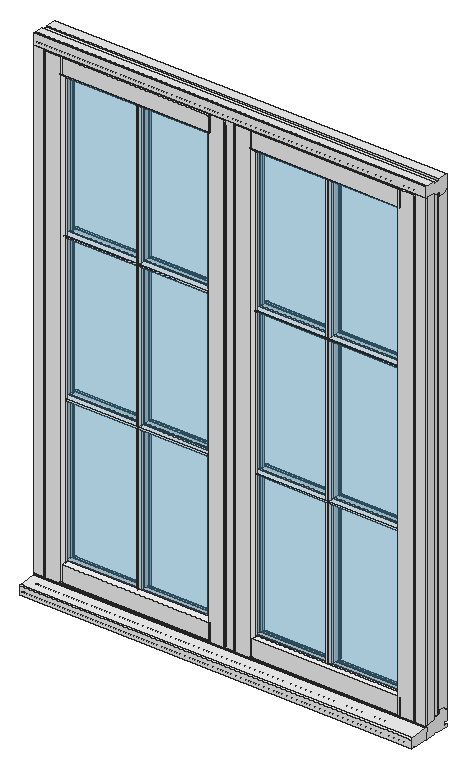
Revit family "C2-6P", category Windows, host Wall, Revit 2012
Parameters
  metal = Matel
  Wood = WindowColor
  Str.Tolrance = 11 mm
  Height = 1770 mm
  Glass = Glass
  Default Sill Height = 914.4 mm
  Wall Closure = By host
  Width = 1400 mm
Reference planes
  plane 1 "Center (Front/Back)": y = 0
  plane 2: z = 0
  plane 3 "Center (Left/Right)": x = 0
  plane 4 "Left": x = -700
  plane 5 "Right": x = 700
  plane 6 "Sill": z = 914.4
  plane 7 "Top": z = 2684.4
  plane 8: y = 33.076
  plane 9: z = 2648.4
  plane 10: x = 660
  plane 11: x = -660
  plane 12: z = 2644.4
  plane 13: z = 962.4
  plane 14: x = 602
  plane 15: x = -602
  plane 16: z = 1024.4
  plane 17: z = 2586.4
  plane 18: z = 2628.4
  plane 19: x = 18
  plane 20: x = -18
  plane 21: z = 2066.4
  plane 22: x = 80
  plane 23: x = -80
  plane 24: z = 982.4
  plane 25: x = 338.918
  plane 26: x = -338.918
  plane 27: z = 1545.06
Forms (mm)
  Sweep 1, solid, material "Matel" <- "metal"
    path origin (0, 0, 0) x (1, 0, 0) y (0, 0, 1)
      loop
        line (700, 914.4) -> (700, 2648.4)
    profile origin (700, 0, 1781.4) x (-1, 0, 0) y (0, -1, 0)
      loop
        line (0, -10) -> (0, -47) -> (43, -47) -> (43, -44)
        arc (43, -44) -> (50.071, -41.071) -> (53, -34) r 10
        line (53, -34) -> (56, -34) -> (56, -18) -> (36, -18) -> (36, -14) -> (44, -14) -> (44, -4) -> (36, -4) -> (36, -1) -> (44, -1) -> (44, 7) -> (36, 7) -> (36, 31.727)
        arc (36, 31.727) -> (34.922, 33.441) -> (33, 34.079) r 3
        line (33, 34.079) -> (33, 41)
        arc (33, 41) -> (34.834, 41.499) -> (36, 43) r 3
        line (36, 43) -> (36, 47) -> (0, 47) -> (0, 42) -> (2, 42)
        arc (2, 42) -> (5, 39) -> (2, 36) r 3
        line (2, 36) -> (0, 36) -> (0, 10) -> (5, 10) -> (5, -10) -> (0, -10)
  Sweep 2, solid, material "Matel" <- "metal"
    path origin (0, 0, 0) x (1, 0, 0) y (0, 0, 1)
      loop
        line (660, 914.4) -> (660, 2644.4)
    profile origin (660, 0, 1779.4) x (-1, 0, 0) y (0, -1, 0)
      loop
        arc (8, -10) -> (8.879, -12.121) -> (11, -13) r 3
        line (11, -13) -> (52, -13) -> (52, 35) -> (68, 35) -> (68, 37) -> (58, 47) -> (3, 47)
        arc (3, 47) -> (0.879, 46.121) -> (0, 44) r 3
        line (0, 44) -> (0, 42)
        arc (0, 42) -> (0.879, 39.879) -> (3, 39) r 3
        line (3, 39) -> (8, 39) -> (8, 28)
        arc (8, 28) -> (8.586, 26.586) -> (10, 26) r 2
        line (10, 26) -> (10, 8)
        arc (10, 8) -> (8.586, 7.414) -> (8, 6) r 2
        line (8, 6) -> (8, -10)
  Sweep 3, solid, material "Matel" <- "metal"
    path origin (0, 0, 0) x (-1, 0, 0) y (0, 0, 1)
      loop
        line (700, 914.4) -> (700, 2648.4)
    profile origin (-700, 0, 1781.4) x (-1, 0, 0) y (0, -1, 0)
      loop
        line (0, -10) -> (-5, -10) -> (-5, 10) -> (0, 10) -> (0, 36) -> (-2, 36)
        arc (-2, 36) -> (-5, 39) -> (-2, 42) r 3
        line (-2, 42) -> (0, 42) -> (0, 47) -> (-36, 47) -> (-36, 43)
        arc (-36, 43) -> (-34.834, 41.499) -> (-33, 41) r 3
        line (-33, 41) -> (-33, 34.079)
        arc (-33, 34.079) -> (-34.922, 33.441) -> (-36, 31.727) r 3
        line (-36, 31.727) -> (-36, 7) -> (-44, 7) -> (-44, -1) -> (-36, -1) -> (-36, -4) -> (-44, -4) -> (-44, -14) -> (-36, -14) -> (-36, -18) -> (-56, -18) -> (-56, -34) -> (-53, -34)
        arc (-53, -34) -> (-50.071, -41.071) -> (-43, -44) r 10
        line (-43, -44) -> (-43, -47) -> (0, -47) -> (0, -10)
  Sweep 4, solid, material "Matel" <- "metal"
    path origin (-2484.788, 0, 2663.844) x (0, 0, 1) y (1, 0, 0)
      loop
        line (20.556, 1784.788) -> (20.556, 3184.788)
    profile origin (0, 0, 2684.4) x (0, 0, 1) y (0, -1, 0)
      loop
        line (0, -10) -> (-5, -10) -> (-5, 10) -> (0, 10) -> (0, 36) -> (-2, 36)
        arc (-2, 36) -> (-5, 39) -> (-2, 42) r 3
        line (-2, 42) -> (0, 42) -> (0, 47) -> (-36, 47) -> (-36, 43)
        arc (-36, 43) -> (-34.834, 41.499) -> (-33, 41) r 3
        line (-33, 41) -> (-33, 34.079)
        arc (-33, 34.079) -> (-34.922, 33.441) -> (-36, 31.727) r 3
        line (-36, 31.727) -> (-36, 7) -> (-44, 7) -> (-44, -1) -> (-36, -1) -> (-36, -4) -> (-44, -4) -> (-44, -14) -> (-36, -14) -> (-36, -18) -> (-56, -18) -> (-56, -34) -> (-53, -34)
        arc (-53, -34) -> (-50.071, -41.071) -> (-43, -44) r 10
        line (-43, -44) -> (-43, -47) -> (0, -47) -> (0, -10)
  Sweep 5, solid, material "Matel" <- "metal"
    path origin (0, 0, -6.25) x (1, 0, 0) y (0, 0, 1)
      loop
        line (700, 920.65) -> (-700, 920.65)
    profile origin (0, 0, 914.4) x (0, 0, -1) y (0, -1, 0)
      loop
        line (-55, -46) -> (-20, -46) -> (-20, -36) -> (-10, -36) -> (-10, -46) -> (0, -46) -> (0, -9) -> (-5, -9) -> (-5, 11) -> (0, 11) -> (0, 37) -> (-2, 37)
        arc (-2, 37) -> (-5, 40) -> (-2, 43) r 3
        line (-2, 43) -> (0, 43) -> (0, 48) -> (-23, 48) -> (-23, 43) -> (-38, 43) -> (-38, 48) -> (-41, 48)
        arc (-41, 48) -> (-42.414, 47.414) -> (-43, 46) r 2
        line (-43, 46) -> (-48, 6) -> (-53, 6) -> (-56, -17) -> (-57, -17) -> (-57, -23) -> (-60, -23) -> (-60, -17) -> (-68, -17) -> (-68, -33) -> (-65, -33)
        arc (-65, -33) -> (-62.071, -40.071) -> (-55, -43) r 10
        line (-55, -43) -> (-55, -46)
  Sweep 6, solid, material "Matel" <- "metal"
    path origin (0, 0, -6.25) x (1, 0, 0) y (0, 0, 1)
      loop
        line (700, 920.65) -> (-700, 920.65)
    profile origin (0, 0, 914.4) x (0, 0, -1) y (0, -1, 0)
      loop
        line (-2, 103) -> (0, 103) -> (0, 108) -> (-28, 108)
        arc (-28, 108) -> (-30.068, 107.174) -> (-30.996, 105.149) r 3
        line (-30.996, 105.149) -> (-38, 48) -> (-38, 43) -> (-23, 43) -> (-23, 48) -> (0, 48) -> (0, 97) -> (-2, 97)
        arc (-2, 97) -> (-5, 100) -> (-2, 103) r 3
  Sweep 7, solid, material "Matel" <- "metal"
    path origin (0, 0, 162.5) x (1, 0, 0) y (0, 0, 1)
      loop
        line (608, 794.9) -> (70, 794.9)
    profile origin (339, 0, 957.4) x (0, 0, -1) y (0, -1, 0)
      loop
        line (-12, -10.5) -> (-12, 5.5)
        arc (-12, 5.5) -> (-12.586, 6.914) -> (-14, 7.5) r 2
        line (-14, 7.5) -> (-14, 25.5)
        arc (-14, 25.5) -> (-12.586, 26.086) -> (-12, 27.5) r 2
        line (-12, 27.5) -> (-12, 38.5) -> (-3, 38.5)
        arc (-3, 38.5) -> (-0.879, 39.379) -> (0, 41.5) r 3
        line (0, 41.5) -> (0, 43.5)
        arc (0, 43.5) -> (-0.879, 45.621) -> (-3, 46.5) r 3
        line (-3, 46.5) -> (-62, 46.5) -> (-72, 36.5) -> (-72, 34.5) -> (-56, 34.5) -> (-56, -13.5) -> (-15, -13.5)
        arc (-15, -13.5) -> (-12.879, -12.621) -> (-12, -10.5) r 3
  Sweep 8, solid, material "Matel" <- "metal"
    path origin (0, 0, 0) x (1, 0, 0) y (0, 0, 1)
      loop
        line (602, 2586.4) -> (75.836, 2586.4) -> (75.836, 1019.4) -> (602, 1019.4) -> (602, 2586.4)
    profile origin (338.918, 0, 2586.4) x (0, 0, -1) y (0, -1, 0)
      loop
        line (-1, -10) -> (-1, -7)
        arc (-1, -7) -> (4.657, -4.657) -> (7, 1) r 8
        line (7, 1) -> (10, 1) -> (10, 5) -> (6, 6) -> (6, 9) -> (-6, 9) -> (-6, -10) -> (-1, -10)
  Sweep 9, solid
    path origin (0, 0, 0) x (1, 0, 0) y (0, 0, 1)
      loop
        line (602, 2586.4) -> (75.836, 2586.4) -> (75.836, 1024.4) -> (602, 1024.4) -> (602, 2586.4)
    profile origin (338.918, 0, 2586.4) x (0, 0, -1) y (0, -1, 0)
      loop
        line (-6, 13.165) -> (4, 13.165) -> (4, 29.165) -> (-6, 29.165) -> (-6, 13.165)
  Extrusion 10, solid, material "Glass" <- "Glass"
    sketch origin (0, -52.04, 0) x (1, 0, 0) y (0, 0, -1)
      loop
        line (602, -2586.4) -> (602, -1024.4) -> (81.836, -1024.4) -> (81.836, -2586.4) -> (602, -2586.4)
    from 38.875 to 42.875
  Sweep 11, solid, material "Matel" <- "metal"
    path origin (0, 0, 0) x (1, 0, 0) y (0, 0, 1)
      loop
        line (0, 2648.4) -> (0, 952.4)
    profile origin (0, 0, 1800.4) x (0, -1, 0) y (1, 0, 0)
      loop
        line (42.988, -14) -> (46.988, -14) -> (46.988, 14) -> (42.988, 14)
        arc (42.988, 14) -> (41.574, 13.414) -> (40.988, 12) r 2
        line (40.988, 12) -> (40.988, 11) -> (33.988, 11) -> (33.988, 12)
        arc (33.988, 12) -> (33.403, 13.414) -> (31.988, 14) r 2
        line (31.988, 14) -> (6.988, 14) -> (6.988, 20) -> (-1.012, 20) -> (-1.012, 14) -> (-4.012, 14) -> (-4.012, 22) -> (-14.012, 22) -> (-14.012, 14) -> (-18.012, 14) -> (-18.012, 34) -> (-34.012, 34) -> (-34.012, 31)
        arc (-34.012, 31) -> (-41.083, 28.071) -> (-44.012, 21) r 10
        line (-44.012, 21) -> (-47.012, 21) -> (-47.012, -21) -> (-44.012, -21)
        arc (-44.012, -21) -> (-41.083, -28.071) -> (-34.012, -31) r 10
        line (-34.012, -31) -> (-34.012, -34) -> (-18.012, -34) -> (-18.012, -14) -> (-14.012, -14) -> (-14.012, -22) -> (-4.012, -22) -> (-4.012, -14) -> (-1.012, -14) -> (-1.012, -20) -> (6.988, -20) -> (6.988, -14) -> (31.988, -14)
        arc (31.988, -14) -> (33.403, -13.414) -> (33.988, -12) r 2
        line (33.988, -12) -> (33.988, -11) -> (40.988, -11) -> (40.988, -12)
        arc (40.988, -12) -> (41.574, -13.414) -> (42.988, -14) r 2
  Sweep 12, solid, material "Matel" <- "metal"
    path origin (0, 0, 0) x (-1, 0, 0) y (0, 0, 1)
      loop
        line (602, 2586.4) -> (75.836, 2586.4) -> (75.836, 1019.4) -> (602, 1019.4) -> (602, 2586.4)
    profile origin (-338.918, 0, 2586.4) x (0, 0, 1) y (0, -1, 0)
      loop
        line (1, -10) -> (6, -10) -> (6, 9) -> (-6, 9) -> (-6, 6) -> (-10, 5) -> (-10, 1) -> (-7, 1)
        arc (-7, 1) -> (-4.657, -4.657) -> (1, -7) r 8
        line (1, -7) -> (1, -10)
  Sweep 13, solid, material "Matel" <- "metal"
    path origin (0, 0, 0) x (-1, 0, 0) y (0, 0, 1)
      loop
        line (660, 914.4) -> (660, 2644.4)
    profile origin (-660, 0, 1779.4) x (-1, 0, 0) y (0, -1, 0)
      loop
        line (-8, -10) -> (-8, 6)
        arc (-8, 6) -> (-8.586, 7.414) -> (-10, 8) r 2
        line (-10, 8) -> (-10, 26)
        arc (-10, 26) -> (-8.586, 26.586) -> (-8, 28) r 2
        line (-8, 28) -> (-8, 39) -> (-3, 39)
        arc (-3, 39) -> (-0.879, 39.879) -> (0, 42) r 3
        line (0, 42) -> (0, 44)
        arc (0, 44) -> (-0.879, 46.121) -> (-3, 47) r 3
        line (-3, 47) -> (-58, 47) -> (-68, 37) -> (-68, 35) -> (-52, 35) -> (-52, -13) -> (-11, -13)
        arc (-11, -13) -> (-8.879, -12.121) -> (-8, -10) r 3
  Sweep 14, solid, material "Matel" <- "metal"
    path origin (0, 0, 0) x (-1, 0, 0) y (0, 0, 1)
      loop
        line (608, 957.4) -> (69.836, 957.4)
    profile origin (-338.918, 0, 957.4) x (0, 0, 1) y (0, -1, 0)
      loop
        arc (12, -10.5) -> (12.879, -12.621) -> (15, -13.5) r 3
        line (15, -13.5) -> (56, -13.5) -> (56, 34.5) -> (72, 34.5) -> (72, 36.5) -> (62, 46.5) -> (3, 46.5)
        arc (3, 46.5) -> (0.879, 45.621) -> (0, 43.5) r 3
        line (0, 43.5) -> (0, 41.5)
        arc (0, 41.5) -> (0.879, 39.379) -> (3, 38.5) r 3
        line (3, 38.5) -> (12, 38.5) -> (12, 27.5)
        arc (12, 27.5) -> (12.586, 26.086) -> (14, 25.5) r 2
        line (14, 25.5) -> (14, 7.5)
        arc (14, 7.5) -> (12.586, 6.914) -> (12, 5.5) r 2
        line (12, 5.5) -> (12, -10.5)
  Extrusion 15, solid, material "Glass" <- "Glass"
    sketch origin (0, 13.71, 0) x (1, 0, 0) y (0, 0, 1)
      loop
        line (602, 2586.4) -> (81.836, 2586.4) -> (81.836, 1024.4) -> (602, 1024.4) -> (602, 2586.4)
    from 42.875 to 46.875
  Sweep 16, solid
    path origin (0, 0, 0) x (-1, 0, 0) y (0, 0, 1)
      loop
        line (602, 2586.4) -> (75.836, 2586.4) -> (75.836, 1024.4) -> (602, 1024.4) -> (602, 2586.4)
    profile origin (-338.918, 0, 2586.4) x (0, 0, 1) y (0, -1, 0)
      loop
        line (6, 13.165) -> (6, 29.165) -> (-4, 29.165) -> (-4, 13.165) -> (6, 13.165)
  Extrusion 17, solid, material "Glass" <- "Glass"
    sketch origin (0, -52.04, 0) x (-1, 0, 0) y (0, 0, 1)
      loop
        line (602, 2586.4) -> (81.836, 2586.4) -> (81.836, 1024.4) -> (602, 1024.4) -> (602, 2586.4)
    from 38.875 to 42.875
  Extrusion 18, solid, material "Glass" <- "Glass"
    sketch origin (0, 13.71, 0) x (-1, 0, 0) y (0, 0, -1)
      loop
        line (602, -2586.4) -> (602, -1024.4) -> (81.836, -1024.4) -> (81.836, -2586.4) -> (602, -2586.4)
    from 42.875 to 46.875
  Sweep 19, solid, material "Matel" <- "metal"
    path origin (-577.836, 0, 0) x (1, 0, 0) y (0, 0, 1)
      loop
        line (560, 914.4) -> (560, 2644.4)
    profile origin (-17.836, 0, 1779.4) x (-1, 0, 0) y (0, -1, 0)
      loop
        arc (8, -10) -> (8.879, -12.121) -> (11, -13) r 3
        line (11, -13) -> (52, -13) -> (52, 35) -> (68, 35) -> (68, 37) -> (58, 47) -> (3, 47)
        arc (3, 47) -> (0.879, 46.121) -> (0, 44) r 3
        line (0, 44) -> (0, 42)
        arc (0, 42) -> (0.879, 39.879) -> (3, 39) r 3
        line (3, 39) -> (8, 39) -> (8, 28)
        arc (8, 28) -> (8.586, 26.586) -> (10, 26) r 2
        line (10, 26) -> (10, 8)
        arc (10, 8) -> (8.586, 7.414) -> (8, 6) r 2
        line (8, 6) -> (8, -10)
  Sweep 20, solid, material "Matel" <- "metal"
    path origin (-3801.389, 0, 3572.678) x (0, 0, 1) y (1, 0, 0)
      loop
        line (-928.278, 3193.389) -> (-928.278, 3731.553)
    profile origin (-338.918, 0, 2644.4) x (0, 0, 1) y (0, -1, 0)
      loop
        line (-8, -10.5) -> (-8, 5.5)
        arc (-8, 5.5) -> (-8.586, 6.914) -> (-10, 7.5) r 2
        line (-10, 7.5) -> (-10, 25.5)
        arc (-10, 25.5) -> (-8.586, 26.086) -> (-8, 27.5) r 2
        line (-8, 27.5) -> (-8, 38.5) -> (-3, 38.5)
        arc (-3, 38.5) -> (-0.879, 39.379) -> (0, 41.5) r 3
        line (0, 41.5) -> (0, 43.5)
        arc (0, 43.5) -> (-0.879, 45.621) -> (-3, 46.5) r 3
        line (-3, 46.5) -> (-58, 46.5) -> (-68, 36.5) -> (-68, 34.5) -> (-52, 34.5) -> (-52, -13.5) -> (-11, -13.5)
        arc (-11, -13.5) -> (-8.879, -12.621) -> (-8, -10.5) r 3
  Sweep 21, solid, material "Matel" <- "metal", detail levels fine
    path origin (0, 0, 0) x (1, 0, 0) y (0, 0, 1)
      loop
        line (602, 2066.4) -> (80, 2066.4)
    profile origin (341, 0, 2066.4) x (0, 0, -1) y (0, -1, 0)
      loop
        line (10, -2.71) -> (-10, -2.71) -> (-10, -8.71) -> (-8, -8.71) -> (-8, -11.21)
        arc (-8, -11.21) -> (-6.294, -15.725) -> (-2.5, -18.71) r 9
        line (-2.5, -18.71) -> (-2.5, -20.71) -> (2.5, -20.71) -> (2.5, -18.71)
        arc (2.5, -18.71) -> (6.294, -15.725) -> (8, -11.21) r 9
        line (8, -11.21) -> (8, -8.71) -> (10, -8.71) -> (10, -2.71)
      loop
        line (10, 26.379) -> (2.551, 34.533) -> (2.551, 36.533) -> (-2.449, 36.533) -> (-2.449, 34.533) -> (-10, 23.579) -> (10, 23.579) -> (10, 26.379)
  Sweep 22, solid, material "Matel" <- "metal", detail levels fine
    path origin (0, 0, 0) x (-1, 0, 0) y (0, 0, 1)
      loop
        line (602, 2066.4) -> (80, 2066.4)
    profile origin (-341, 0, 2066.4) x (0, 0, 1) y (0, -1, 0)
      loop
        line (-10, -2.71) -> (-10, -8.71) -> (-8, -8.71) -> (-8, -11.21)
        arc (-8, -11.21) -> (-6.294, -15.725) -> (-2.5, -18.71) r 9
        line (-2.5, -18.71) -> (-2.5, -20.71) -> (2.5, -20.71) -> (2.5, -18.71)
        arc (2.5, -18.71) -> (6.294, -15.725) -> (8, -11.21) r 9
        line (8, -11.21) -> (8, -8.71) -> (10, -8.71) -> (10, -2.71) -> (-10, -2.71)
      loop
        line (-10, 26.379) -> (-10, 23.579) -> (10, 23.579) -> (2.449, 34.533) -> (2.449, 36.533) -> (-2.551, 36.533) -> (-2.551, 34.533) -> (-10, 26.379)
  Sweep 23, solid, material "Matel" <- "metal", detail levels fine
    path origin (0, 0, 0) x (1, 0, 0) y (0, 0, 1)
      loop
        line (602, 2066.4) -> (80, 2066.4)
    profile origin (341, 0, 2066.4) x (0, 0, -1) y (0, -1, 0)
      loop
        line (10, -0.153) -> (10, 15.847) -> (-10, 15.847) -> (-10, -0.153) -> (10, -0.153)
  Sweep 24, solid, material "Matel" <- "metal", detail levels fine
    path origin (0, 0, 0) x (-1, 0, 0) y (0, 0, 1)
      loop
        line (595, 2066.4) -> (82.836, 2066.4)
    profile origin (-338.918, 0, 2066.4) x (0, 0, 1) y (0, -1, 0)
      loop
        line (-10, -0.153) -> (10, -0.153) -> (10, 15.847) -> (-10, 15.847) -> (-10, -0.153)
  Sweep 25, void
    path origin (0, 0, 0) x (1, 0, 0) y (0, 1, 0)
      loop
        line (700, 0) -> (-700, 0)
    profile origin (0, 0, 0) x (0, -1, 0) y (0, 0, 1)
      loop
        line (-46, 969.4) -> (-57, 969.4) -> (-57, 909.4) -> (133, 909.4) -> (133, 939.4)
        arc (133, 939.4) -> (132.248, 941.386) -> (130.37, 942.377) r 3
        line (130.37, 942.377) -> (105.37, 945.377) -> (80.364, 948.378) -> (48, 952.4) -> (48, 955.4)
        arc (48, 955.4) -> (47.414, 956.814) -> (46, 957.4) r 2
        line (46, 957.4) -> (6, 962.4) -> (6, 967.4) -> (-17, 970.4) -> (-17, 971.4) -> (-23, 971.4) -> (-23, 974.4) -> (-17, 974.4) -> (-17, 982.4) -> (-33, 982.4) -> (-33, 979.4)
        arc (-33, 979.4) -> (-40.071, 976.471) -> (-43, 969.4) r 10
        line (-43, 969.4) -> (-46, 969.4)
  Sweep 26, solid, material "Matel" <- "metal", detail levels fine
    path origin (2138.318, 0, 1667.629) x (0, 0, 1) y (-1, 0, 0)
      loop
        line (918.771, 1799.4) -> (-649.229, 1799.4)
    profile origin (338.918, 0, 1802.4) x (0, -1, 0) y (1, 0, 0)
      loop
        line (-2.71, 10) -> (-8.71, 10) -> (-8.71, 8) -> (-11.21, 8)
        arc (-11.21, 8) -> (-15.725, 6.294) -> (-18.71, 2.5) r 9
        line (-18.71, 2.5) -> (-20.71, 2.5) -> (-20.71, -2.5) -> (-18.71, -2.5)
        arc (-18.71, -2.5) -> (-15.725, -6.294) -> (-11.21, -8) r 9
        line (-11.21, -8) -> (-8.71, -8) -> (-8.71, -10) -> (-2.71, -10) -> (-2.71, 10)
      loop
        line (26.379, 10) -> (23.579, 10) -> (23.579, -10) -> (34.533, -2.449) -> (36.533, -2.449) -> (36.533, 2.551) -> (34.533, 2.551) -> (26.379, 10)
  Sweep 27, solid, material "Matel" <- "metal", detail levels fine
    path origin (-2788.605, 0, 1659.295) x (0, 0, 1) y (1, 0, 0)
      loop
        line (927.105, 3127.523) -> (-634.895, 3127.523)
    profile origin (338.918, 0, 1805.4) x (0, -1, 0) y (1, 0, 0)
      loop
        line (-0.153, -10) -> (15.847, -10) -> (15.847, 10) -> (-0.153, 10) -> (-0.153, -10)
  Sweep 28, solid, material "Matel" <- "metal", detail levels fine
    path origin (1470.482, 0, 1821.811) x (0, 0, 1) y (-1, 0, 0)
      loop
        line (764.589, 1809.4) -> (-803.411, 1809.4)
    profile origin (-338.918, 0, 1802.4) x (0, -1, 0) y (1, 0, 0)
      loop
        line (-2.71, 10) -> (-8.71, 10) -> (-8.71, 8) -> (-11.21, 8)
        arc (-11.21, 8) -> (-15.725, 6.294) -> (-18.71, 2.5) r 9
        line (-18.71, 2.5) -> (-20.71, 2.5) -> (-20.71, -2.5) -> (-18.71, -2.5)
        arc (-18.71, -2.5) -> (-15.725, -6.294) -> (-11.21, -8) r 9
        line (-11.21, -8) -> (-8.71, -8) -> (-8.71, -10) -> (-2.71, -10) -> (-2.71, 10)
      loop
        line (26.379, 10) -> (23.579, 10) -> (23.579, -10) -> (34.533, -2.449) -> (36.533, -2.449) -> (36.533, 2.551) -> (34.533, 2.551) -> (26.379, 10)
  Sweep 29, solid, material "Matel" <- "metal", detail levels fine
    path origin (2788.605, 0, 1659.295) x (0, 0, 1) y (-1, 0, 0)
      loop
        line (927.105, 3127.523) -> (-634.895, 3127.523)
    profile origin (-338.918, 0, 1805.4) x (0, -1, 0) y (1, 0, 0)
      loop
        line (-0.153, 10) -> (-0.153, -10) -> (15.847, -10) -> (15.847, 10) -> (-0.153, 10)
  Sweep 30, solid, material "Matel" <- "metal", detail levels fine
    path origin (0, 0, 3452.8) x (1, 0, 0) y (0, 0, -1)
      loop
        line (602, 1907.74) -> (80, 1907.74)
    profile origin (341, 0, 1545.06) x (0, 0, -1) y (0, -1, 0)
      loop
        line (-10, -2.71) -> (-10, -8.71) -> (-8, -8.71) -> (-8, -11.21)
        arc (-8, -11.21) -> (-6.294, -15.725) -> (-2.5, -18.71) r 9
        line (-2.5, -18.71) -> (-2.5, -20.71) -> (2.5, -20.71) -> (2.5, -18.71)
        arc (2.5, -18.71) -> (6.294, -15.725) -> (8, -11.21) r 9
        line (8, -11.21) -> (8, -8.71) -> (10, -8.71) -> (10, -2.71) -> (-10, -2.71)
      loop
        line (-10, 26.379) -> (-10, 23.579) -> (10, 23.579) -> (2.449, 34.533) -> (2.449, 36.533) -> (-2.551, 36.533) -> (-2.551, 34.533) -> (-10, 26.379)
  Sweep 31, solid, material "Matel" <- "metal", detail levels fine
    path origin (0, 0, 3452.8) x (-1, 0, 0) y (0, 0, -1)
      loop
        line (602, 1907.74) -> (80, 1907.74)
    profile origin (-341, 0, 1545.06) x (0, 0, 1) y (0, -1, 0)
      loop
        line (10, -2.71) -> (-10, -2.71) -> (-10, -8.71) -> (-8, -8.71) -> (-8, -11.21)
        arc (-8, -11.21) -> (-6.294, -15.725) -> (-2.5, -18.71) r 9
        line (-2.5, -18.71) -> (-2.5, -20.71) -> (2.5, -20.71) -> (2.5, -18.71)
        arc (2.5, -18.71) -> (6.294, -15.725) -> (8, -11.21) r 9
        line (8, -11.21) -> (8, -8.71) -> (10, -8.71) -> (10, -2.71)
      loop
        line (10, 26.379) -> (2.551, 34.533) -> (2.551, 36.533) -> (-2.449, 36.533) -> (-2.449, 34.533) -> (-10, 23.579) -> (10, 23.579) -> (10, 26.379)
  Sweep 32, solid, material "Matel" <- "metal", detail levels fine
    path origin (0, 0, 3452.8) x (1, 0, 0) y (0, 0, -1)
      loop
        line (602, 1907.74) -> (80, 1907.74)
    profile origin (341, 0, 1545.06) x (0, 0, -1) y (0, -1, 0)
      loop
        line (-10, -0.153) -> (10, -0.153) -> (10, 15.847) -> (-10, 15.847) -> (-10, -0.153)
  Sweep 33, solid, material "Matel" <- "metal", detail levels fine
    path origin (0, 0, 3452.8) x (-1, 0, 0) y (0, 0, -1)
      loop
        line (595, 1907.74) -> (82.836, 1907.74)
    profile origin (-338.918, 0, 1545.06) x (0, 0, 1) y (0, -1, 0)
      loop
        line (10, -0.153) -> (10, 15.847) -> (-10, 15.847) -> (-10, -0.153) -> (10, -0.153)
  Sweep 34, solid, material "Matel" <- "metal"
    path origin (677.836, 0, 0) x (-1, 0, 0) y (0, 0, 1)
      loop
        line (659.836, 914.4) -> (659.836, 2644.4)
    profile origin (18, 0, 1779.4) x (-1, 0, 0) y (0, -1, 0)
      loop
        line (-8, -10) -> (-8, 6)
        arc (-8, 6) -> (-8.586, 7.414) -> (-10, 8) r 2
        line (-10, 8) -> (-10, 26)
        arc (-10, 26) -> (-8.586, 26.586) -> (-8, 28) r 2
        line (-8, 28) -> (-8, 39) -> (-3, 39)
        arc (-3, 39) -> (-0.879, 39.879) -> (0, 42) r 3
        line (0, 42) -> (0, 44)
        arc (0, 44) -> (-0.879, 46.121) -> (-3, 47) r 3
        line (-3, 47) -> (-58, 47) -> (-68, 37) -> (-68, 35) -> (-52, 35) -> (-52, -13) -> (-11, -13)
        arc (-11, -13) -> (-8.879, -12.121) -> (-8, -10) r 3
  Sweep 35, solid, material "Matel" <- "metal"
    path origin (2152.318, 0, 4741.14) x (0, 0, 1) y (-1, 0, 0)
      loop
        line (-2096.74, 1544.318) -> (-2096.74, 2082.318)
    profile origin (339, 0, 2644.4) x (0, 0, -1) y (0, -1, 0)
      loop
        arc (8, -10.5) -> (8.879, -12.621) -> (11, -13.5) r 3
        line (11, -13.5) -> (52, -13.5) -> (52, 34.5) -> (68, 34.5) -> (68, 36.5) -> (58, 46.5) -> (3, 46.5)
        arc (3, 46.5) -> (0.879, 45.621) -> (0, 43.5) r 3
        line (0, 43.5) -> (0, 41.5)
        arc (0, 41.5) -> (0.879, 39.379) -> (3, 38.5) r 3
        line (3, 38.5) -> (8, 38.5) -> (8, 27.5)
        arc (8, 27.5) -> (8.586, 26.086) -> (10, 25.5) r 2
        line (10, 25.5) -> (10, 7.5)
        arc (10, 7.5) -> (8.586, 6.914) -> (8, 5.5) r 2
        line (8, 5.5) -> (8, -10.5)
Cuts and joins
  Sweep 25 cuts Sweep 1
  Sweep 25 cuts Sweep 2
  Sweep 25 cuts Sweep 3
  Sweep 25 cuts Sweep 11
  Sweep 25 cuts Sweep 13
  Sweep 25 cuts Sweep 19
Lines and regions (mm)
  Opening 1
    outline origin (-1524, -47, 0) x (1, 0, 0) y (0, 0, 1)
      loop
        line (824, 2684.4) -> (824, 914.4) -> (2224, 914.4) -> (2224, 2684.4) -> (824, 2684.4)
Text (mm)
  text "EXTERIOR" at (-1490.695, 1293.036, 0), in view "Ref. Level"
  text "INTERIOR" at (-1490.695, -959.266, 0), in view "Ref. Level"
  text "Exterior" at (0, 1108.87, 3129.179), in view "Left"
  text "Exterior" at (0, 464.664, 3176.206), in view "Right"
Dimensions and locks
  equal spacing: plane 4 "Left", plane 3 "Center (Left/Right)", plane 5 "Right"  (x2)
  "Height": plane 6 "Sill" to plane 7 "Top"
  "Default Sill Height": plane 2 to plane 6 "Sill"
  plane 6 "Sill" to plane 7 "Top" = 1770 mm
  "Width": plane 4 "Left" to plane 5 "Right"
  locked: plane 9 to plane 7 "Top" at 36
  plane 10 to plane 5 "Right" = 40 mm
  plane 11 to plane 4 "Left" = 40 mm
  locked: plane 12 to plane 7 "Top" at 40
  locked: plane 6 "Sill" to plane 13 at 48
  locked: plane 5 "Right" to plane 14 at 98
  locked: plane 4 "Left" to plane 15 at 98
  locked: plane 6 "Sill" to plane 16 at 110
  locked: plane 17 to plane 7 "Top" at 98
  locked: Extrusion 10 to Extrusion 10 at 4
  locked: plane 19 to plane 3 "Center (Left/Right)" at 18
  locked: plane 3 "Center (Left/Right)" to plane 20 at 18
  locked: Extrusion 15 to Extrusion 15 at 4
  locked: Extrusion 17 to Extrusion 17 at 4
  locked: Extrusion 18 to Extrusion 18 at 4
  locked: plane 22 to plane 3 "Center (Left/Right)" at 80
  locked: plane 3 "Center (Left/Right)" to plane 23 at 80
  equal spacing: Sweep 8, plane 25, Sweep 8
  equal spacing: Sweep 12, plane 26, Sweep 12
  locked: plane 21 to plane 7 "Top" at 618
  locked: plane 6 "Sill" to plane 27 at 630.66
  aligned and locked: plane 7 "Top" to Opening 1 sketch curve
  aligned and locked: plane 6 "Sill" to Opening 1 sketch curve  (x2)
  aligned and locked: plane 5 "Right" to Opening 1 sketch curve
  aligned and locked: plane 4 "Left" to Opening 1 sketch curve
  aligned and locked: level to plane 2
  aligned and locked: plane 5 "Right" to Sweep 1 sketch curve
  aligned and locked: plane 10 to Sweep 2 sketch curve
  aligned and locked: plane 9 to Sweep 1 sketch curve
  aligned and locked: plane 4 "Left" to Sweep 3 sketch curve
  aligned and locked: plane 9 to Sweep 3 sketch curve
  aligned and locked: plane 5 "Right" to Sweep 4 sketch curve
  aligned and locked: plane 4 "Left" to Sweep 4 sketch curve
  aligned and locked: plane 4 "Left" to Sweep 5 sketch curve
  aligned and locked: plane 5 "Right" to Sweep 5 sketch curve
  aligned and locked: Sweep 8 sketch curve to plane 14
  aligned and locked: Sweep 8 sketch curve to plane 17
  aligned and locked: Sweep 9 sketch curve to plane 14
  aligned and locked: Sweep 9 sketch curve to plane 17
  aligned and locked: plane 16 to Sweep 9 sketch curve
  aligned and locked: Sweep 7 sketch curve to Sweep 5
  aligned and locked: plane 17 to Sweep 12 sketch curve
  aligned and locked: plane 15 to Sweep 12 sketch curve
  aligned and locked: Sweep 13 sketch curve to plane 11
  aligned and locked: plane 15 to Sweep 16 sketch curve
  aligned and locked: plane 17 to Sweep 16 sketch curve
  aligned and locked: Sweep 16 sketch curve to plane 16
  aligned and locked: Sweep 5 to Sweep 11 sketch curve
  aligned and locked: plane 12 to Sweep 20 sketch curve
  aligned and locked: plane 12 to Sweep 13 sketch curve
  aligned and locked: plane 12 to Sweep 19 sketch curve
  aligned and locked: plane 9 to Sweep 11 sketch curve
  aligned and locked: plane 14 to Sweep 21 sketch curve
  aligned and locked: Sweep 21 sketch curve to plane 21
  aligned and locked: plane 22 to Sweep 21 sketch curve
  aligned and locked: plane 14 to Sweep 23 sketch curve
  aligned and locked: plane 22 to Sweep 23 sketch curve
  aligned and locked: plane 21 to Sweep 24 sketch curve
  aligned and locked: Sweep 12 to Sweep 24 sketch curve  (x2)
  aligned and locked: Sweep 4 to plane 7 "Top"
  aligned and locked: plane 6 "Sill" to Sweep 5
  aligned and locked: plane 6 "Sill" to Sweep 6
  aligned and locked: plane 17 to Sweep 26 sketch curve
  aligned and locked: plane 25 to Sweep 26 sketch curve
  aligned and locked: plane 26 to Sweep 28 sketch curve
  aligned and locked: plane 17 to Sweep 28 sketch curve
  aligned and locked: plane 25 to Sweep 27 sketch curve
  aligned and locked: plane 17 to Sweep 27 sketch curve
  aligned and locked: plane 16 to Sweep 27 sketch curve
  aligned and locked: plane 26 to Sweep 29 sketch curve
  aligned and locked: plane 17 to Sweep 29 sketch curve
  aligned and locked: plane 16 to Sweep 29 sketch curve
  aligned and locked: plane 27 to Sweep 30 sketch curve
  aligned and locked: Sweep 33 sketch curve to plane 27
  aligned and locked: plane 19 to Sweep 34 sketch curve
  aligned and locked: Sweep 35 sketch curve to plane 12
Automatic sketch dimensions
  Sweep 1 sketch curve to plane 6 "Sill" = 0 mm
  Sweep 1 sketch curve to profile plane = 0 mm  (x3)
  Sweep 1 sketch curve to profile plane = 2 mm
  Sweep 1 sketch curve to Sweep 1 sketch curve = 5 mm  (x2)
  Sweep 1 sketch curve to Sweep 1 sketch curve = 31 mm  (x2)
  Sweep 1 sketch curve to Sweep 1 sketch curve = 0.071 mm
  Sweep 1 sketch curve to Sweep 1 sketch curve = 0.17 mm
  Sweep 1 sketch curve to plane 1 "Center (Front/Back)" = 4 mm
  Sweep 1 sketch curve to Sweep 1 sketch curve = 0 mm  (x3)
  Sweep 1 sketch curve to Sweep 1 sketch curve = 2.83 mm
  Sweep 1 sketch curve to Sweep 1 sketch curve = 7 mm
  Sweep 1 sketch curve to Sweep 1 sketch curve = 8 mm
  Sweep 1 sketch curve to plane 1 "Center (Front/Back)" = 1 mm
  Sweep 1 sketch curve to Sweep 1 sketch curve = 10 mm  (x2)
  Sweep 1 sketch curve to Sweep 1 sketch curve = 12 mm
  Sweep 1 sketch curve to plane 1 "Center (Front/Back)" = 10 mm
  Sweep 1 sketch curve to Sweep 1 sketch curve = 4 mm
  Sweep 1 sketch curve to Sweep 1 sketch curve = 16 mm
  Sweep 1 sketch curve to Sweep 1 sketch curve = 3 mm  (x2)
  plane 1 "Center (Front/Back)" to Sweep 1 sketch curve = 7 mm
  plane 1 "Center (Front/Back)" to Sweep 1 sketch curve = 10 mm
  Sweep 1 sketch curve to Sweep 1 sketch curve = 24.08 mm
  Sweep 1 sketch curve to Sweep 1 sketch curve = 0.647 mm
  Sweep 1 sketch curve to Sweep 1 sketch curve = 26 mm
  Sweep 1 sketch curve to Sweep 1 sketch curve = 6.921 mm
  Sweep 1 sketch curve to Sweep 1 sketch curve = 2 mm
  Sweep 2 sketch curve to plane 6 "Sill" = 0 mm
  Sweep 2 sketch curve to plane 12 = 0 mm
  Sweep 2 sketch curve to profile plane = 0 mm
  Sweep 2 sketch curve to profile plane = 3 mm
  Sweep 2 sketch curve to Sweep 2 sketch curve = 0 mm
  Sweep 2 sketch curve to profile plane = 8 mm
  Sweep 2 sketch curve to Sweep 2 sketch curve = 5 mm
  Sweep 2 sketch curve to Sweep 2 sketch curve = 2 mm  (x3)
  Sweep 2 sketch curve to Sweep 2 sketch curve = 3 mm
  Sweep 2 sketch curve to plane 1 "Center (Front/Back)" = 13 mm
  Sweep 2 sketch curve to Sweep 2 sketch curve = 41 mm
  Sweep 2 sketch curve to Sweep 2 sketch curve = 6 mm
  Sweep 2 sketch curve to Sweep 2 sketch curve = 10 mm
  plane 1 "Center (Front/Back)" to Sweep 2 sketch curve = 6 mm
  Sweep 2 sketch curve to Sweep 2 sketch curve = 18 mm
  plane 1 "Center (Front/Back)" to Sweep 2 sketch curve = 35 mm
  Sweep 2 sketch curve to Sweep 2 sketch curve = 11 mm
  Sweep 3 sketch curve to plane 6 "Sill" = 0 mm
  Sweep 3 sketch curve to profile plane = 0 mm  (x3)
  Sweep 3 sketch curve to Sweep 3 sketch curve = 2 mm  (x2)
  Sweep 3 sketch curve to Sweep 3 sketch curve = 5 mm  (x2)
  Sweep 3 sketch curve to Sweep 3 sketch curve = 31 mm
  Sweep 3 sketch curve to Sweep 3 sketch curve = 0.071 mm
  Sweep 3 sketch curve to Sweep 3 sketch curve = 0.17 mm
  plane 1 "Center (Front/Back)" to Sweep 3 sketch curve = 7 mm
  Sweep 3 sketch curve to Sweep 3 sketch curve = 2.929 mm
  Sweep 3 sketch curve to Sweep 3 sketch curve = 2.83 mm
  Sweep 3 sketch curve to plane 1 "Center (Front/Back)" = 1 mm
  Sweep 3 sketch curve to Sweep 3 sketch curve = 0 mm  (x3)
  Sweep 3 sketch curve to Sweep 3 sketch curve = 7 mm
  Sweep 3 sketch curve to Sweep 3 sketch curve = 8 mm
  Sweep 3 sketch curve to Sweep 3 sketch curve = 10 mm  (x2)
  Sweep 3 sketch curve to Sweep 3 sketch curve = 3 mm  (x4)
  Sweep 3 sketch curve to plane 1 "Center (Front/Back)" = 10 mm
  Sweep 3 sketch curve to Sweep 3 sketch curve = 4 mm
  Sweep 3 sketch curve to Sweep 3 sketch curve = 16 mm
  plane 1 "Center (Front/Back)" to Sweep 3 sketch curve = 10 mm
  Sweep 3 sketch curve to Sweep 3 sketch curve = 24.08 mm
  Sweep 3 sketch curve to Sweep 3 sketch curve = 0.647 mm
  Sweep 3 sketch curve to Sweep 3 sketch curve = 26 mm
  Sweep 3 sketch curve to Sweep 3 sketch curve = 6.921 mm
  Sweep 4 sketch curve to plane 7 "Top" = 0 mm
  profile plane to Sweep 4 sketch curve = 0 mm  (x3)
  Sweep 4 sketch curve to Sweep 4 sketch curve = 2 mm  (x2)
  Sweep 4 sketch curve to Sweep 4 sketch curve = 5 mm  (x2)
  Sweep 4 sketch curve to Sweep 4 sketch curve = 31 mm
  Sweep 4 sketch curve to Sweep 4 sketch curve = 0.071 mm
  Sweep 4 sketch curve to Sweep 4 sketch curve = 0.17 mm
  plane 1 "Center (Front/Back)" to Sweep 4 sketch curve = 7 mm
  Sweep 4 sketch curve to Sweep 4 sketch curve = 2.929 mm
  Sweep 4 sketch curve to Sweep 4 sketch curve = 2.83 mm
  Sweep 4 sketch curve to plane 1 "Center (Front/Back)" = 1 mm
  Sweep 4 sketch curve to Sweep 4 sketch curve = 0 mm  (x3)
  Sweep 4 sketch curve to Sweep 4 sketch curve = 7 mm
  Sweep 4 sketch curve to Sweep 4 sketch curve = 8 mm
  Sweep 4 sketch curve to Sweep 4 sketch curve = 10 mm  (x2)
  Sweep 4 sketch curve to Sweep 4 sketch curve = 3 mm  (x4)
  Sweep 4 sketch curve to plane 1 "Center (Front/Back)" = 10 mm
  Sweep 4 sketch curve to Sweep 4 sketch curve = 4 mm
  Sweep 4 sketch curve to Sweep 4 sketch curve = 16 mm
  plane 1 "Center (Front/Back)" to Sweep 4 sketch curve = 10 mm
  Sweep 4 sketch curve to Sweep 4 sketch curve = 24.08 mm
  Sweep 4 sketch curve to Sweep 4 sketch curve = 0.647 mm
  Sweep 4 sketch curve to Sweep 4 sketch curve = 26 mm
  Sweep 4 sketch curve to Sweep 4 sketch curve = 6.921 mm
  Sweep 5 sketch curve to plane 6 "Sill" = 0 mm
  Sweep 5 sketch curve to profile plane = 0 mm  (x3)
  profile plane to Sweep 5 sketch curve = 2 mm
  profile plane to Sweep 5 sketch curve = 5 mm
  profile plane to Sweep 5 sketch curve = 10 mm
  Sweep 5 sketch curve to Sweep 5 sketch curve = 10 mm  (x5)
  Sweep 5 sketch curve to Sweep 5 sketch curve = 21 mm
  Sweep 5 sketch curve to Sweep 5 sketch curve = 15 mm
  Sweep 5 sketch curve to Sweep 5 sketch curve = 3 mm  (x6)
  Sweep 5 sketch curve to Sweep 5 sketch curve = 2 mm
  plane 1 "Center (Front/Back)" to Sweep 5 sketch curve = 6 mm
  Sweep 5 sketch curve to Sweep 5 sketch curve = 5 mm  (x2)
  Sweep 5 sketch curve to Sweep 5 sketch curve = 35 mm
  Sweep 5 sketch curve to plane 1 "Center (Front/Back)" = 17 mm
  Sweep 5 sketch curve to Sweep 5 sketch curve = 1 mm  (x2)
  Sweep 5 sketch curve to Sweep 5 sketch curve = 0 mm  (x2)
  Sweep 5 sketch curve to Sweep 5 sketch curve = 6 mm
  Sweep 5 sketch curve to plane 1 "Center (Front/Back)" = 36 mm
  Sweep 5 sketch curve to plane 1 "Center (Front/Back)" = 9 mm
  plane 1 "Center (Front/Back)" to Sweep 5 sketch curve = 11 mm
  Sweep 5 sketch curve to Sweep 5 sketch curve = 26 mm
  plane 4 "Left" to Sweep 6 sketch curve = 0 mm
  plane 5 "Right" to Sweep 6 sketch curve = 0 mm
  Sweep 6 sketch curve to plane 6 "Sill" = 0 mm
  Sweep 6 sketch curve to profile plane = 0 mm  (x2)
  profile plane to Sweep 6 sketch curve = 2 mm
  profile plane to Sweep 6 sketch curve = 23 mm
  Sweep 6 sketch curve to Sweep 6 sketch curve = 26 mm
  Sweep 6 sketch curve to Sweep 6 sketch curve = 2.996 mm
  Sweep 6 sketch curve to Sweep 6 sketch curve = 15 mm
  plane 1 "Center (Front/Back)" to Sweep 6 sketch curve = 43 mm
  Sweep 6 sketch curve to Sweep 6 sketch curve = 5 mm  (x2)
  Sweep 6 sketch curve to Sweep 6 sketch curve = 49 mm
  Sweep 6 sketch curve to Sweep 6 sketch curve = 3 mm
  Sweep 6 sketch curve to Sweep 6 sketch curve = 2 mm
  Sweep 6 sketch curve to Sweep 6 sketch curve = 0.149 mm
  Sweep 7 sketch curve to profile plane = 0 mm
  profile plane to Sweep 7 sketch curve = 3 mm  (x2)
  profile plane to Sweep 7 sketch curve = 12 mm  (x2)
  Sweep 7 sketch curve to Sweep 7 sketch curve = 2 mm  (x3)
  Sweep 7 sketch curve to Sweep 7 sketch curve = 3 mm
  Sweep 7 sketch curve to Sweep 7 sketch curve = 42 mm
  Sweep 7 sketch curve to Sweep 7 sketch curve = 6 mm
  Sweep 7 sketch curve to Sweep 7 sketch curve = 10 mm
  Sweep 7 sketch curve to plane 1 "Center (Front/Back)" = 13.5 mm
  plane 1 "Center (Front/Back)" to Sweep 7 sketch curve = 5.5 mm
  Sweep 7 sketch curve to Sweep 7 sketch curve = 18 mm
  plane 1 "Center (Front/Back)" to Sweep 7 sketch curve = 34.5 mm
  Sweep 7 sketch curve to Sweep 7 sketch curve = 11 mm
  Sweep 8 sketch curve to plane 22 = 4.164 mm
  profile plane to Sweep 8 sketch curve = 6 mm
  profile plane to Sweep 8 sketch curve = 1 mm
  Sweep 8 sketch curve to profile plane = 6 mm
  plane 1 "Center (Front/Back)" to Sweep 8 sketch curve = 1 mm
  Sweep 8 sketch curve to Sweep 8 sketch curve = 1 mm  (x2)
  plane 1 "Center (Front/Back)" to Sweep 8 sketch curve = 5 mm
  Sweep 8 sketch curve to Sweep 8 sketch curve = 4 mm
  Sweep 8 sketch curve to Sweep 8 sketch curve = 3 mm
  plane 1 "Center (Front/Back)" to Sweep 8 sketch curve = 9 mm
  Sweep 9 sketch curve to plane 22 = 4.164 mm
  profile plane to Sweep 9 sketch curve = 6 mm
  Sweep 9 sketch curve to profile plane = 4 mm
  plane 1 "Center (Front/Back)" to Sweep 9 sketch curve = 13.165 mm
  Sweep 9 sketch curve to Sweep 9 sketch curve = 16 mm
  Extrusion 10 sketch curve to plane 17 = 0 mm
  Extrusion 10 sketch curve to plane 16 = 0 mm
  Extrusion 10 sketch curve to plane 14 = 0 mm
  plane 22 to Extrusion 10 sketch curve = 1.836 mm
  Sweep 11 sketch curve to plane 3 "Center (Left/Right)" = 0 mm
  profile plane to Sweep 11 sketch curve = 21 mm
  Sweep 11 sketch curve to plane 1 "Center (Front/Back)" = 47.012 mm
  Sweep 11 sketch curve to Sweep 11 sketch curve = 3 mm  (x3)
  Sweep 11 sketch curve to Sweep 11 sketch curve = 10 mm  (x2)
  Sweep 11 sketch curve to Sweep 11 sketch curve = 16 mm  (x2)
  Sweep 11 sketch curve to Sweep 11 sketch curve = 4 mm  (x3)
  Sweep 11 sketch curve to plane 1 "Center (Front/Back)" = 4.012 mm  (x2)
  Sweep 11 sketch curve to plane 1 "Center (Front/Back)" = 1.012 mm  (x2)
  plane 1 "Center (Front/Back)" to Sweep 11 sketch curve = 6.988 mm  (x2)
  Sweep 11 sketch curve to profile plane = 12 mm
  Sweep 11 sketch curve to Sweep 11 sketch curve = 25 mm  (x2)
  Sweep 11 sketch curve to Sweep 11 sketch curve = 2 mm  (x5)
  Sweep 11 sketch curve to Sweep 11 sketch curve = 7 mm  (x2)
  Sweep 11 sketch curve to Sweep 11 sketch curve = 12 mm  (x2)
  profile plane to Sweep 11 sketch curve = 14 mm
  Sweep 11 sketch curve to Sweep 11 sketch curve = 6 mm  (x3)
  Sweep 11 sketch curve to Sweep 11 sketch curve = 8 mm  (x2)
  Sweep 11 sketch curve to Sweep 11 sketch curve = 1 mm  (x3)
  Sweep 11 sketch curve to profile plane = 14 mm
  Sweep 11 sketch curve to Sweep 11 sketch curve = 0 mm
  Sweep 11 sketch curve to profile plane = 21 mm
  plane 16 to Sweep 12 sketch curve = 5 mm
  plane 23 to Sweep 12 sketch curve = 4.164 mm
  plane 1 "Center (Front/Back)" to Sweep 12 sketch curve = 1 mm
  profile plane to Sweep 12 sketch curve = 10 mm
  Sweep 12 sketch curve to Sweep 12 sketch curve = 3 mm  (x2)
  Sweep 12 sketch curve to Sweep 12 sketch curve = 4 mm  (x2)
  Sweep 12 sketch curve to profile plane = 1 mm
  Sweep 12 sketch curve to Sweep 12 sketch curve = 5 mm
  Sweep 12 sketch curve to Sweep 12 sketch curve = 1 mm
  plane 1 "Center (Front/Back)" to Sweep 12 sketch curve = 9 mm
  Sweep 13 sketch curve to plane 6 "Sill" = 0 mm
  Sweep 13 sketch curve to profile plane = 0 mm
  profile plane to Sweep 13 sketch curve = 3 mm  (x2)
  profile plane to Sweep 13 sketch curve = 8 mm  (x2)
  Sweep 13 sketch curve to Sweep 13 sketch curve = 2 mm  (x3)
  Sweep 13 sketch curve to Sweep 13 sketch curve = 3 mm
  Sweep 13 sketch curve to Sweep 13 sketch curve = 42 mm
  Sweep 13 sketch curve to Sweep 13 sketch curve = 6 mm
  Sweep 13 sketch curve to Sweep 13 sketch curve = 10 mm
  Sweep 13 sketch curve to plane 1 "Center (Front/Back)" = 13 mm
  plane 1 "Center (Front/Back)" to Sweep 13 sketch curve = 6 mm
  Sweep 13 sketch curve to Sweep 13 sketch curve = 18 mm
  plane 1 "Center (Front/Back)" to Sweep 13 sketch curve = 35 mm
  Sweep 13 sketch curve to Sweep 13 sketch curve = 11 mm
  profile plane to Sweep 14 sketch curve = 0 mm
  Sweep 14 sketch curve to profile plane = 3 mm
  Sweep 14 sketch curve to Sweep 14 sketch curve = 0 mm
  Sweep 14 sketch curve to profile plane = 12 mm
  Sweep 14 sketch curve to Sweep 14 sketch curve = 9 mm
  Sweep 14 sketch curve to Sweep 14 sketch curve = 2 mm  (x3)
  Sweep 14 sketch curve to Sweep 14 sketch curve = 3 mm
  Sweep 14 sketch curve to plane 1 "Center (Front/Back)" = 13.5 mm
  Sweep 14 sketch curve to Sweep 14 sketch curve = 41 mm
  Sweep 14 sketch curve to Sweep 14 sketch curve = 6 mm
  Sweep 14 sketch curve to Sweep 14 sketch curve = 10 mm
  plane 1 "Center (Front/Back)" to Sweep 14 sketch curve = 5.5 mm
  Sweep 14 sketch curve to Sweep 14 sketch curve = 18 mm
  plane 1 "Center (Front/Back)" to Sweep 14 sketch curve = 34.5 mm
  Sweep 14 sketch curve to Sweep 14 sketch curve = 11 mm
  Extrusion 15 sketch curve to plane 17 = 0 mm
  Extrusion 15 sketch curve to plane 16 = 0 mm
  Extrusion 15 sketch curve to plane 14 = 0 mm
  plane 22 to Extrusion 15 sketch curve = 1.836 mm
  plane 23 to Sweep 16 sketch curve = 4.164 mm
  profile plane to Sweep 16 sketch curve = 4 mm
  Sweep 16 sketch curve to profile plane = 6 mm
  plane 1 "Center (Front/Back)" to Sweep 16 sketch curve = 13.165 mm
  Sweep 16 sketch curve to Sweep 16 sketch curve = 16 mm
  Extrusion 17 sketch curve to plane 17 = 0 mm
  Extrusion 17 sketch curve to plane 16 = 0 mm
  plane 15 to Extrusion 17 sketch curve = 0 mm
  plane 23 to Extrusion 17 sketch curve = 1.836 mm
  Extrusion 18 sketch curve to plane 17 = 0 mm
  Extrusion 18 sketch curve to plane 16 = 0 mm
  plane 15 to Extrusion 18 sketch curve = 0 mm
  plane 23 to Extrusion 18 sketch curve = 1.836 mm
  Sweep 19 sketch curve to plane 6 "Sill" = 0 mm
  plane 20 to Sweep 19 sketch curve = 0.164 mm
  Sweep 19 sketch curve to profile plane = 0 mm
  Sweep 19 sketch curve to profile plane = 3 mm
  Sweep 19 sketch curve to Sweep 19 sketch curve = 0 mm
  Sweep 19 sketch curve to profile plane = 8 mm
  Sweep 19 sketch curve to Sweep 19 sketch curve = 5 mm
  Sweep 19 sketch curve to Sweep 19 sketch curve = 2 mm  (x3)
  Sweep 19 sketch curve to Sweep 19 sketch curve = 3 mm
  Sweep 19 sketch curve to plane 1 "Center (Front/Back)" = 13 mm
  Sweep 19 sketch curve to Sweep 19 sketch curve = 41 mm
  Sweep 19 sketch curve to Sweep 19 sketch curve = 6 mm
  Sweep 19 sketch curve to Sweep 19 sketch curve = 10 mm
  plane 1 "Center (Front/Back)" to Sweep 19 sketch curve = 6 mm
  Sweep 19 sketch curve to Sweep 19 sketch curve = 18 mm
  plane 1 "Center (Front/Back)" to Sweep 19 sketch curve = 35 mm
  Sweep 19 sketch curve to Sweep 19 sketch curve = 11 mm
  profile plane to Sweep 20 sketch curve = 0 mm
  profile plane to Sweep 20 sketch curve = 3 mm  (x2)
  profile plane to Sweep 20 sketch curve = 8 mm  (x2)
  Sweep 20 sketch curve to Sweep 20 sketch curve = 2 mm  (x3)
  Sweep 20 sketch curve to Sweep 20 sketch curve = 3 mm
  Sweep 20 sketch curve to Sweep 20 sketch curve = 42 mm
  Sweep 20 sketch curve to Sweep 20 sketch curve = 6 mm
  Sweep 20 sketch curve to Sweep 20 sketch curve = 10 mm
  Sweep 20 sketch curve to plane 1 "Center (Front/Back)" = 13.5 mm
  plane 1 "Center (Front/Back)" to Sweep 20 sketch curve = 5.5 mm
  Sweep 20 sketch curve to Sweep 20 sketch curve = 18 mm
  plane 1 "Center (Front/Back)" to Sweep 20 sketch curve = 34.5 mm
  Sweep 20 sketch curve to Sweep 20 sketch curve = 11 mm
  profile plane to Sweep 21 sketch curve = 10 mm  (x2)
  Sweep 21 sketch curve to Sweep 21 sketch curve = 2 mm  (x5)
  profile plane to Sweep 21 sketch curve = 2.5 mm
  profile plane to Sweep 21 sketch curve = 2.449 mm
  profile plane to Sweep 21 sketch curve = 0.964 mm
  Sweep 21 sketch curve to profile plane = 0.964 mm
  Sweep 21 sketch curve to profile plane = 2.5 mm
  Sweep 21 sketch curve to profile plane = 2.551 mm
  Sweep 21 sketch curve to Sweep 21 sketch curve = 7.036 mm
  Sweep 21 sketch curve to profile plane = 10 mm
  Sweep 21 sketch curve to plane 1 "Center (Front/Back)" = 20.71 mm
  Sweep 21 sketch curve to Sweep 21 sketch curve = 7.5 mm
  Sweep 21 sketch curve to Sweep 21 sketch curve = 0.807 mm
  Sweep 21 sketch curve to Sweep 21 sketch curve = 2.5 mm  (x2)
  Sweep 21 sketch curve to plane 1 "Center (Front/Back)" = 2.71 mm
  plane 1 "Center (Front/Back)" to Sweep 21 sketch curve = 23.579 mm
  Sweep 21 sketch curve to Sweep 21 sketch curve = 2.8 mm
  Sweep 21 sketch curve to Sweep 21 sketch curve = 8.154 mm
  Sweep 21 sketch curve to Sweep 21 sketch curve = 0 mm
  Sweep 22 sketch curve to plane 21 = 0 mm
  plane 23 to Sweep 22 sketch curve = 0 mm
  plane 15 to Sweep 22 sketch curve = 0 mm
  Sweep 22 sketch curve to plane 1 "Center (Front/Back)" = 2.71 mm
  profile plane to Sweep 22 sketch curve = 10 mm  (x2)
  Sweep 22 sketch curve to Sweep 22 sketch curve = 2 mm  (x4)
  profile plane to Sweep 22 sketch curve = 2.551 mm
  profile plane to Sweep 22 sketch curve = 2.5 mm
  profile plane to Sweep 22 sketch curve = 0.964 mm
  Sweep 22 sketch curve to profile plane = 0.964 mm
  Sweep 22 sketch curve to profile plane = 2.449 mm
  Sweep 22 sketch curve to profile plane = 2.5 mm
  Sweep 22 sketch curve to Sweep 22 sketch curve = 7.036 mm
  Sweep 22 sketch curve to profile plane = 10 mm
  Sweep 22 sketch curve to Sweep 22 sketch curve = 6 mm  (x2)
  Sweep 22 sketch curve to Sweep 22 sketch curve = 1.693 mm
  Sweep 22 sketch curve to Sweep 22 sketch curve = 0 mm  (x2)
  Sweep 22 sketch curve to Sweep 22 sketch curve = 2.5 mm  (x2)
  plane 1 "Center (Front/Back)" to Sweep 22 sketch curve = 23.579 mm
  Sweep 22 sketch curve to Sweep 22 sketch curve = 2.8 mm
  Sweep 22 sketch curve to Sweep 22 sketch curve = 8.154 mm
  Sweep 23 sketch curve to plane 21 = 0 mm
  Sweep 23 sketch curve to plane 1 "Center (Front/Back)" = 0.153 mm
  profile plane to Sweep 23 sketch curve = 10 mm
  Sweep 23 sketch curve to profile plane = 10 mm
  plane 1 "Center (Front/Back)" to Sweep 23 sketch curve = 15.847 mm
  profile plane to Sweep 24 sketch curve = 10 mm
  Sweep 24 sketch curve to profile plane = 10 mm
  Sweep 24 sketch curve to plane 1 "Center (Front/Back)" = 0.153 mm
  plane 1 "Center (Front/Back)" to Sweep 24 sketch curve = 15.847 mm
  plane 1 "Center (Front/Back)" to Sweep 25 sketch curve = 0 mm
  Sweep 25 sketch curve to plane 4 "Left" = 0 mm
  Sweep 25 sketch curve to plane 5 "Right" = 0 mm
  profile plane to Sweep 25 sketch curve = 57 mm
  Sweep 25 sketch curve to Sweep 25 sketch curve = 11 mm
  Sweep 25 sketch curve to Sweep 25 sketch curve = 3 mm  (x6)
  Sweep 25 sketch curve to Sweep 25 sketch curve = 10 mm  (x2)
  Sweep 25 sketch curve to Sweep 25 sketch curve = 6 mm  (x2)
  Sweep 25 sketch curve to profile plane = 6 mm
  Sweep 25 sketch curve to Sweep 25 sketch curve = 40 mm
  Sweep 25 sketch curve to Sweep 25 sketch curve = 2 mm  (x2)
  Sweep 25 sketch curve to Sweep 25 sketch curve = 32.364 mm
  Sweep 25 sketch curve to Sweep 25 sketch curve = 25.006 mm
  Sweep 25 sketch curve to Sweep 25 sketch curve = 24.63 mm
  Sweep 25 sketch curve to Sweep 25 sketch curve = 0.37 mm
  level to Sweep 25 sketch curve = 909.4 mm
  Sweep 25 sketch curve to Sweep 25 sketch curve = 30 mm
  Sweep 25 sketch curve to Sweep 25 sketch curve = 3.001 mm
  Sweep 25 sketch curve to Sweep 25 sketch curve = 4.022 mm
  Sweep 25 sketch curve to Sweep 25 sketch curve = 5 mm  (x2)
  Sweep 25 sketch curve to Sweep 25 sketch curve = 1 mm  (x2)
  Sweep 26 sketch curve to profile plane = 2.5 mm
  Sweep 26 sketch curve to plane 1 "Center (Front/Back)" = 20.71 mm
  Sweep 26 sketch curve to Sweep 26 sketch curve = 2 mm  (x5)
  Sweep 26 sketch curve to Sweep 26 sketch curve = 7.5 mm  (x2)
  Sweep 26 sketch curve to profile plane = 0.964 mm
  Sweep 26 sketch curve to Sweep 26 sketch curve = 0.807 mm
  Sweep 26 sketch curve to Sweep 26 sketch curve = 0 mm  (x2)
  Sweep 26 sketch curve to Sweep 26 sketch curve = 2.5 mm  (x2)
  Sweep 26 sketch curve to plane 1 "Center (Front/Back)" = 2.71 mm
  Sweep 26 sketch curve to profile plane = 10 mm
  plane 1 "Center (Front/Back)" to Sweep 26 sketch curve = 23.579 mm
  Sweep 26 sketch curve to Sweep 26 sketch curve = 2.8 mm
  Sweep 26 sketch curve to profile plane = 2.551 mm
  Sweep 26 sketch curve to Sweep 26 sketch curve = 8.154 mm
  profile plane to Sweep 26 sketch curve = 2.449 mm
  profile plane to Sweep 26 sketch curve = 2.5 mm
  profile plane to Sweep 26 sketch curve = 10 mm
  profile plane to Sweep 26 sketch curve = 0.964 mm
  Sweep 27 sketch curve to plane 1 "Center (Front/Back)" = 0.153 mm
  plane 1 "Center (Front/Back)" to Sweep 27 sketch curve = 15.847 mm
  profile plane to Sweep 27 sketch curve = 10 mm
  Sweep 27 sketch curve to profile plane = 10 mm
  Sweep 28 sketch curve to profile plane = 2.5 mm
  Sweep 28 sketch curve to plane 1 "Center (Front/Back)" = 20.71 mm
  Sweep 28 sketch curve to Sweep 28 sketch curve = 2 mm  (x5)
  Sweep 28 sketch curve to Sweep 28 sketch curve = 7.5 mm  (x2)
  Sweep 28 sketch curve to profile plane = 0.964 mm
  Sweep 28 sketch curve to Sweep 28 sketch curve = 0.807 mm
  Sweep 28 sketch curve to Sweep 28 sketch curve = 0 mm  (x2)
  Sweep 28 sketch curve to Sweep 28 sketch curve = 2.5 mm  (x2)
  Sweep 28 sketch curve to plane 1 "Center (Front/Back)" = 2.71 mm
  Sweep 28 sketch curve to profile plane = 10 mm
  plane 1 "Center (Front/Back)" to Sweep 28 sketch curve = 23.579 mm
  Sweep 28 sketch curve to Sweep 28 sketch curve = 2.8 mm
  Sweep 28 sketch curve to profile plane = 2.551 mm
  Sweep 28 sketch curve to Sweep 28 sketch curve = 8.154 mm
  profile plane to Sweep 28 sketch curve = 2.449 mm
  profile plane to Sweep 28 sketch curve = 2.5 mm
  profile plane to Sweep 28 sketch curve = 10 mm
  profile plane to Sweep 28 sketch curve = 0.964 mm
  Sweep 29 sketch curve to plane 1 "Center (Front/Back)" = 0.153 mm
  plane 1 "Center (Front/Back)" to Sweep 29 sketch curve = 15.847 mm
  profile plane to Sweep 29 sketch curve = 10 mm
  Sweep 29 sketch curve to profile plane = 10 mm
  Sweep 30 sketch curve to plane 22 = 0 mm
  Sweep 30 sketch curve to plane 14 = 0 mm
  Sweep 30 sketch curve to plane 1 "Center (Front/Back)" = 2.71 mm
  profile plane to Sweep 30 sketch curve = 10 mm  (x2)
  Sweep 30 sketch curve to Sweep 30 sketch curve = 2 mm  (x4)
  profile plane to Sweep 30 sketch curve = 2.551 mm
  profile plane to Sweep 30 sketch curve = 2.5 mm
  profile plane to Sweep 30 sketch curve = 0.964 mm
  Sweep 30 sketch curve to profile plane = 0.964 mm
  Sweep 30 sketch curve to profile plane = 2.449 mm
  Sweep 30 sketch curve to profile plane = 2.5 mm
  Sweep 30 sketch curve to Sweep 30 sketch curve = 7.036 mm
  Sweep 30 sketch curve to profile plane = 10 mm
  Sweep 30 sketch curve to Sweep 30 sketch curve = 6 mm  (x2)
  Sweep 30 sketch curve to Sweep 30 sketch curve = 1.693 mm
  Sweep 30 sketch curve to Sweep 30 sketch curve = 0 mm  (x2)
  Sweep 30 sketch curve to Sweep 30 sketch curve = 2.5 mm  (x2)
  plane 1 "Center (Front/Back)" to Sweep 30 sketch curve = 23.579 mm
  Sweep 30 sketch curve to Sweep 30 sketch curve = 2.8 mm
  Sweep 30 sketch curve to Sweep 30 sketch curve = 8.154 mm
  plane 23 to Sweep 31 sketch curve = 0 mm
  plane 15 to Sweep 31 sketch curve = 0 mm
  Sweep 31 sketch curve to plane 27 = 0 mm
  profile plane to Sweep 31 sketch curve = 10 mm  (x2)
  Sweep 31 sketch curve to Sweep 31 sketch curve = 2 mm  (x5)
  profile plane to Sweep 31 sketch curve = 2.5 mm
  profile plane to Sweep 31 sketch curve = 2.449 mm
  profile plane to Sweep 31 sketch curve = 0.964 mm
  Sweep 31 sketch curve to profile plane = 0.964 mm
  Sweep 31 sketch curve to profile plane = 2.5 mm
  Sweep 31 sketch curve to profile plane = 2.551 mm
  Sweep 31 sketch curve to Sweep 31 sketch curve = 7.036 mm
  Sweep 31 sketch curve to profile plane = 10 mm
  Sweep 31 sketch curve to plane 1 "Center (Front/Back)" = 20.71 mm
  Sweep 31 sketch curve to Sweep 31 sketch curve = 7.5 mm
  Sweep 31 sketch curve to Sweep 31 sketch curve = 0.807 mm
  Sweep 31 sketch curve to Sweep 31 sketch curve = 2.5 mm  (x2)
  Sweep 31 sketch curve to plane 1 "Center (Front/Back)" = 2.71 mm
  plane 1 "Center (Front/Back)" to Sweep 31 sketch curve = 23.579 mm
  Sweep 31 sketch curve to Sweep 31 sketch curve = 2.8 mm
  Sweep 31 sketch curve to Sweep 31 sketch curve = 8.154 mm
  Sweep 31 sketch curve to Sweep 31 sketch curve = 0 mm
  Sweep 32 sketch curve to plane 22 = 0 mm
  Sweep 32 sketch curve to plane 14 = 0 mm
  Sweep 32 sketch curve to plane 27 = 0 mm
  profile plane to Sweep 32 sketch curve = 10 mm
  Sweep 32 sketch curve to profile plane = 10 mm
  Sweep 32 sketch curve to plane 1 "Center (Front/Back)" = 0.153 mm
  plane 1 "Center (Front/Back)" to Sweep 32 sketch curve = 15.847 mm
  plane 23 to Sweep 33 sketch curve = 2.836 mm
  Sweep 33 sketch curve to plane 15 = 7 mm
  Sweep 33 sketch curve to plane 1 "Center (Front/Back)" = 0.153 mm
  profile plane to Sweep 33 sketch curve = 10 mm
  Sweep 33 sketch curve to profile plane = 10 mm
  plane 1 "Center (Front/Back)" to Sweep 33 sketch curve = 15.847 mm
  Sweep 34 sketch curve to plane 12 = 0 mm
  Sweep 34 sketch curve to plane 6 "Sill" = 0 mm
  Sweep 34 sketch curve to profile plane = 0 mm
